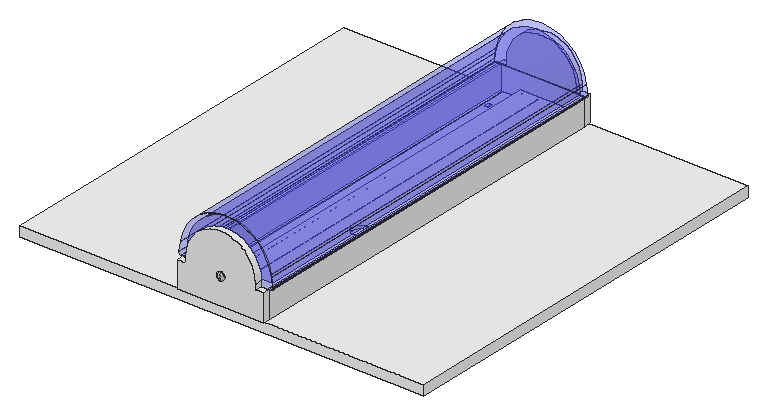
Revit family "BE_50223.1_de_DE", category Leuchten, Revit 2020
Family settings
  Basisbauteil = Fläche
  Bemaßung runder Anschluss = Durchmesser verwenden
  Teiletyp = Normal
  Beim Laden mit Abzugskörper schneiden = Ja
  Lichtquelle = Ja
  Gemeinsam genutzt = Nein
  Raumberechnungspunkt = Ja
Parameters (values of type "BEGA_50223.1_K27")
  built-in parameter 1150104 = 14.112 (stored number, unit not read)
  Wattage = 7.9 W
  Default Elevation = 0 mm
  built-in parameter 1150113 = 1 (stored number, unit not read)
  built-in parameter 1114218 = 1 (stored number, unit not read)
  Umgebungstemperatur = "25 °C"
  URL = "https://www.bega.com/de/produkt/50223.1"
  Typenkommentare = "© 2022 BEGA. Wir behalten uns das Recht vor, technische Änderungen ohne vorherige Ankündigung vorzunehmen."  # constant formula
  built-in parameter 1150134 = 12
  built-in parameter 1150109 = 1 (stored number, unit not read)
  Strom = ""
  built-in parameter 1150110 = 1 (stored number, unit not read)
  Spannung = 239.996 V
  Sonderanfertigung = no
  Seriennummer [instance] = "Hier können Sie die eindeutige Seriennummer für das Facility Management eintragen."
  Schutzklasse = "I"
  Schutzart = "IP 20"
  Scheinlast = 0 VA
  Produktdatenblatt = "https://cdn.bega.com/bega/products/50223.1K3/current/documents/data-sheets/de"
  Oberflächentemperatur = ""
  Neigungswinkel = 0.00°
  Modell = "50223.1K27"
  Material_17 = BEGA_Reflektor
  Material_15 = BEGA_Leuchtmedium_matt
  Material_14 = BEGA_Kunststoff_opal
  Material_11 = BEGA_Glas_opal
  Material_09 = BEGA_Glas_klar
  Material_06 = BEGA_Oberfläche_Edelstahl_gebürstet
  Material_05 = BEGA_Oberfläche_Aluminium Guss
  Material_03 = BEGA_Oberfläche_Weiss_matt
  Material_02 = BEGA_Oberfläche_Silber_matt
  Material_01 [instance] = BEGA_Oberfläche_Grafit_matt
  M_W = no
  M_G = no
  M_A = no
  Logo = 0
  built-in parameter 1114217 = 1 (stored number, unit not read)
  built-in parameter 1150139 = (empty or 0)
  built-in parameter 1150105 = 95.494 (stored number, unit not read)
  built-in parameter 1150114 = 1 (stored number, unit not read)
  Lumens = 1200.01 lm
  built-in parameter 1150115 = 1 (stored number, unit not read)
  Leuchtenlichtstrom = "829 lm"
  Leuchtenanzahl = ""
  Lebensdauerkriterien = "L70B50 @ 25 °C = 200000 h"
  Lastklassifizierung = Beleuchtung
  built-in parameter 1150112 = 1 (stored number, unit not read)
  Lampenlichtstrom = "1245 lm"
  Lampe = "LED 7.7 W"
  LED_Modulbezeichnung = "LED-0573/927"
  Hersteller = "BEGA"  # constant formula
  Halbstreuwinkel = ""
  Gewicht = "1.23 kg"
  Gebrauchslageneinschränkung [instance] = ""
  Frequenz = "0/50-60 Hz"
  Farbwiedergabeindex = "CRI > 90"
  Farbtemperaturverschiebung bei Dämpfen der Lampe = <Keine Auswahl>
  Farbtemperatur = "2700 K"
  Color Filter = 16777215
  built-in parameter 1150133 = 10 (stored number, unit not read)
  Energieeffizienzklasse = "LED A++ - A"
  built-in parameter 1150137 = (empty or 0)
  built-in parameter 1150132 = (empty or 0)
  ENEC = "ja"
  Dimmbar [instance] = "on/off"
  Datei für fotometrisches Netz = "BE_50223.1K27.IES"
  CE_Konformität = "ja"
  Bestellnummer = "50223.1K27"
  Beschreibung_Sonderanfertigung = "Hier können Sie Informationen zur Sonderanfertigung eintragen."
  Beschreibung = "Wandleuchte"
  built-in parameter 1150106 = 0.95494 (stored number, unit not read)
  Befestigungsbohrung = "Ø 5 mm"
  Befestigungsabstand = "340 x 65 mm"
  Ballwurfsicher = ""
  BEGA_Intern_aus = yes
  BEGA_Intern_an = yes
  BEGA_Intern_Konstruktion = yes
  BEGA_Intern = yes
  BEGA_IES = yes
  BEGA_Dummy = no
  Anschlussleitung = ""
  Anschlussleistung [instance] = "10 W"
  Anschlusskasten = ""
  built-in parameter 1150107 = 4000 (stored number, unit not read)
  built-in parameter 1150102 = (empty or 0)
  built-in parameter 1150138 = (empty or 0)
  Aktualisierung = "2022-05-19T04:00:07"
  Abstand_zur_angestrahlten_Fläche [instance] = ""
  AC/DC = "AC/DC"
Types (3, lengths in mm): name | built-in parameter 1150134 | Modell | Leuchtenlichtstrom | Lampenlichtstrom | LED_Modulbezeichnung | Farbtemperatur | Datei für fotometrisches Netz | Bestellnummer | built-in parameter 1150107
  BEGA_50223.1_K4 | 12 | "50223.1K4" | "855 lm" | "1285 lm" | "LED-0573/930" | "4000 K" | "BE_50223.1K4.IES" | "50223.1K4" | 4000 (stored number, unit not read)
  BEGA_50223.1_K3 | (empty or 0) | "50223.1K3" | "855 lm" | "1285 lm" | "LED-0573/930" | "3000 K" | "BE_50223.1K3.IES" | "50223.1K3" | 3000 (stored number, unit not read)
  BEGA_50223.1_K27 | 12 | "50223.1K27" | "829 lm" | "1245 lm" | "LED-0573/927" | "2700 K" | "BE_50223.1K27.IES" | "50223.1K27" | 4000 (stored number, unit not read)
Reference planes
  plane 1 "Mitte (Vorne/Hinten)": y = 0
  plane 2: z = 0
  plane 3 "Mitte (Links/Rechts)": x = 0
  plane 4 "Links": x = -46.429
  plane 5 "Rechts": x = 46.429
  plane 6 "Unten": y = -201.5
  plane 7 "Oben": y = 201.5
  plane 8 "Vorne": z = 76.8
  plane 9 "Hinten": z = 0
Forms (mm)
  Extrusion 1, solid, material "BEGA_Platte_Weiss"
    sketch origin (0, -1119.2, 0) x (1, 0, 0) y (0, 1, 0)
      loop
        line (-200, 1319.2) -> (-200, 919.2) -> (200, 919.2) -> (200, 1319.2) -> (-200, 1319.2)
    from 0 to -10
  Extrusion 2, solid, material "BEGA_Dummy_matt", visible <- "BEGA_Dummy"
    sketch origin (80.095, -76.023, 0) x (1, 0, 0) y (0, 1, 0)
      loop
        line (-126.525, 277.523) -> (-126.525, -125.477) -> (-33.666, -125.477) -> (-33.666, 277.523) -> (-126.525, 277.523)
    from 0 to 76.8
Dimensions and locks
  plane 1 "Mitte (Vorne/Hinten)" to Extrusion 1 = 200 mm
  aligned and locked: plane 2 to Extrusion 1
  aligned and locked: level to Extrusion 1
Nested families
  nested 1: "BE_50223.1" at (0, 0, 0) x (0, 1, 0) z (0, 0, 1), type "BE_50223.1"
Connectors
  electrical at (0, 0, 0), driven by "Lastklassifizierung", driven by "Spannung", driven by "Scheinlast"
    settings: index 1, voltage 239.996 V, apparent load 0 VA, apparent load phase1 0 VA, apparent load phase2 0 VA, apparent load phase3 0 VA, power factor 1, load classification "Beleuchtung", number of poles 1, system type 31, power factor state 1, is connector primary yes, connector utility no, sub classification motor no, connector description ""
Definition of nested family "BE_50223.1"
  Parameters (values of type "BE_50223.1")
    Default Elevation = 1 mm
    URL = "http://www.bega.de/de/produkt"
    Type Comments = "© 2015 BEGA. Wir behalten uns das Recht vor, technische Änderungen ohne vorherige Ankündigung vorzunehmen. "  # constant formula
    Type Image = (empty or 0)
    Neigungswinkel_um_Z2 = 0.00°
    Neigungswinkel_um_Z1 = 0.00°
    Neigungswinkel_um_Y2 = 0.00°
    Neigungswinkel_um_Y1 = 0.00°
    Neigungswinkel_um_X2 = 0.00°
    Neigungswinkel_um_X1 = 0.00°
    Material_17 = none
    Material_15 = none
    Material_14 = none
    Material_11 = none
    Material_09 = none
    Material_06 = none
    Material_05 = none
    Material_03 = none
    Material_02 = none
    Material_01 = none
    M_W = yes
    M_G = yes
    M_A = yes
    Länge_Platte = 500 mm  # constant formula
    Höhe_Platte = -10 mm  # constant formula
    Manufacturer = "BEGA"  # constant formula
    Drehwinkel_um_Z2 = 0.00°
    Drehwinkel_um_Z1 = 0.00°
    Breite_Platte = 200 mm  # constant formula
  Reference planes
    plane 1 "Mitte (Oben/Unten)": y = 0
    plane 2: z = 0
    plane 3 "Mitte (Links/Rechts)": x = 0
    plane 4: z = 76.8
    plane 5: y = -46.429
    plane 6: y = 46.429
    plane 7: x = -201.5
    plane 8: x = 201.5
  Forms (mm)
    Extrusion 1, solid, detail levels medium
      sketch origin (0, 0, 0) x (1, 0, 0) y (0, 1, 0)
        loop
          line (-250, 100) -> (-250, -100) -> (250, -100) -> (250, 100) -> (-250, 100)
      from 0 to -10 <- "Höhe_Platte"
    Extrusion 2, solid, material <- "Material_11", detail levels medium+fine
      sketch origin (0, 0, 0) x (0, 1, 0) y (0, 0, 1)
        loop
          line (-45.002, 38.016) -> (-46.407, 28.597)
          arc (-46.407, 28.597) -> (-45.945, 26.995) -> (-44.429, 26.291) r 2
          line (-44.429, 26.291) -> (44.429, 26.3)
          arc (44.429, 26.3) -> (45.945, 26.995) -> (46.407, 28.597) r 2
          line (46.407, 28.597) -> (45.002, 38.016)
          arc (45.002, 38.016) -> (0, 76.8) -> (-45.002, 38.016) r 45.5
        loop
          line (-42.69, 29.791) -> (42.69, 29.791) -> (41.54, 37.499)
          arc (41.54, 37.499) -> (0, 73.3) -> (-41.54, 37.499) r 42
          line (-41.54, 37.499) -> (-42.69, 29.791)
      from -194.983 to 195
    Extrusion 3, solid, material <- "Material_03", detail levels medium+fine
      sketch origin (0, 0, 0) x (0, 1, 0) y (0, 0, -1)
        loop
          line (42.55, -26.291) -> (42.55, 0) -> (-42.55, 0) -> (-42.55, -26.3) -> (-34.8, -26.3) -> (-34.8, -31.3)
          arc (-34.8, -31.3) -> (0, -66.1) -> (34.8, -31.3) r 34.8
          line (34.8, -31.3) -> (34.8, -26.291) -> (42.55, -26.291)
      from 194.983 to 201.5
    Revolve 4, void
      sketch origin (0, 0, 0) x (1, 0, 0) y (0, 0, 1)
        loop
          line (-199.134, 28.034) -> (-202.247, 31.146) -> (-202.247, 26.3) -> (-199.134, 26.3) -> (-199.134, 28.034)
        axis (-199.134, 26.3) -> (-202.247, 26.3)
      angle from 0 to 360
    Revolve 5, solid, material <- "Material_06", detail levels fine
      sketch origin (0, 0, 0) x (1, 0, 0) y (0, 0, 1)
        loop
          arc (-201.428, 30.178) -> (-202.212, 28.307) -> (-202.5, 26.3) r 8
          line (-202.5, 26.3) -> (-199.417, 26.3) -> (-199.417, 28.167) -> (-201.428, 30.178)
        axis (-202.5, 26.3) -> (-199.417, 26.3)
      angle from 0 to 360
    Extrusion 6, void
      sketch origin (0, 0, 0) x (1, 0, 0) y (0, 1, 0)
        loop
          circle (-56, -22.014) r 8.532
        loop
          circle (-170, -32.5) r 2.5
        loop
          circle (-170, 32.5) r 2.5
        loop
          circle (170, -32.5) r 2.5
        loop
          circle (170, 32.5) r 2.5
      from 0 to 10.983
    Extrusion 7, solid, material <- "Material_03", detail levels medium+fine
      sketch origin (0, 0, 0) x (0, 1, 0) y (0, 0, 1)
        loop
          arc (38.75, 1) -> (39.75, 0.732) -> (40.482, 0) r 2
          line (40.482, 0) -> (42.55, 0) -> (42.55, 26) -> (40.75, 26) -> (40.75, 2.8) -> (20.75, 2.8) -> (20.75, 10.5) -> (-39.75, 10.5)
          arc (-39.75, 10.5) -> (-40.457, 10.793) -> (-40.75, 11.5) r 1
          line (-40.75, 11.5) -> (-40.75, 26) -> (-42.55, 26) -> (-42.55, 0) -> (-40.75, 0) -> (-40.75, 6)
          arc (-40.75, 6) -> (-40.164, 7.414) -> (-38.75, 8) r 2
          line (-38.75, 8) -> (-5.45, 8) -> (-5.45, 0) -> (-3.65, 0) -> (-3.65, 6.5)
          arc (-3.65, 6.5) -> (-3.357, 7.207) -> (-2.65, 7.5) r 1
          line (-2.65, 7.5) -> (2.65, 7.5)
          arc (2.65, 7.5) -> (3.357, 7.207) -> (3.65, 6.5) r 1
          line (3.65, 6.5) -> (3.65, 0) -> (5.45, 0) -> (5.45, 7)
          arc (5.45, 7) -> (5.743, 7.707) -> (6.45, 8) r 1
          line (6.45, 8) -> (17.95, 8)
          arc (17.95, 8) -> (18.657, 7.707) -> (18.95, 7) r 1
          line (18.95, 7) -> (18.95, 1) -> (38.75, 1)
      from -194.983 to 195
    Extrusion 8, solid, material <- "Material_03", detail levels medium+fine
      sketch origin (0, 0, 0) x (0, 1, 0) y (0, 0, 1)
        loop
          line (42.55, 26.291) -> (34.8, 26.291) -> (34.8, 31.3)
          arc (34.8, 31.3) -> (0, 66.1) -> (-34.8, 31.3) r 34.8
          line (-34.8, 31.3) -> (-34.8, 26.3) -> (-42.55, 26.3) -> (-42.55, 0) -> (42.55, 0) -> (42.55, 26.291)
      from 195 to 201.5
    Extrusion 9, solid, material <- "Material_11", detail levels medium+fine
      sketch origin (0, 0, 0) x (0, 1, 0) y (0, 0, 1)
        loop
          arc (44.013, 37.868) -> (0, 75.8) -> (-44.013, 37.868) r 44.5
          line (-44.013, 37.868) -> (-45.59, 27.3) -> (45.59, 27.3) -> (44.013, 37.868)
      from 189.988 to 195
    Extrusion 10, solid, material <- "Material_11", detail levels medium+fine
      sketch origin (0, 0, 0) x (0, 1, 0) y (0, 0, -1)
        loop
          line (44.013, -37.868) -> (45.59, -27.3) -> (-45.59, -27.3) -> (-44.013, -37.868)
          arc (-44.013, -37.868) -> (0, -75.8) -> (44.013, -37.868) r 44.5
      from 190.165 to 194.983
    Extrusion 11, solid, material <- "Material_14", detail levels medium+fine
      sketch origin (0, 0, 0) x (0, 1, 0) y (0, 0, 1)
        loop
          line (42.55, 21.7) -> (42.55, 5.4) -> (46.05, 5.4) -> (46.05, 21.7) -> (42.55, 21.7)
      from -135.228 to -108.757
    Extrusion 12, solid, material <- "Material_14", detail levels medium+fine
      sketch origin (0, 0, 0) x (1, 0, 0) y (0, 1, 0)
        loop
          arc (-127.62, 52.133) -> (-128.907, 52.361) -> (-129.884, 51.494) r 1.5
          arc (-129.884, 51.494) -> (-130.696, 48.826) -> (-130.971, 46.05) r 14.179
          line (-130.971, 46.05) -> (-112.977, 46.05)
          arc (-112.977, 46.05) -> (-113.423, 47.007) -> (-114.388, 47.434) r 1.5
          arc (-114.388, 47.434) -> (-121.341, 48.836) -> (-127.62, 52.133) r 25
      from 9.55 to 17.55
  Cuts and joins
    Extrusion 6 cuts Extrusion 2
    joined: Extrusion 2, Extrusion 9, Extrusion 10
    Revolve 4, Extrusion 6 cuts Extrusion 3
    joined: Extrusion 3, Extrusion 8
    Extrusion 6 cuts Extrusion 7
    joined: Extrusion 11, Extrusion 12
  Dimensions and locks
    equal spacing: Extrusion 1 sketch curve, plane 3 "Mitte (Links/Rechts)", Extrusion 1 sketch curve
    equal spacing: Extrusion 1 sketch curve, plane 1 "Mitte (Oben/Unten)", Extrusion 1 sketch curve
    "Länge_Platte": Extrusion 1 sketch curve to Extrusion 1 sketch curve
    "Breite_Platte": Extrusion 1 sketch curve to Extrusion 1 sketch curve
    aligned and locked: Extrusion 1 to plane 2
    aligned and locked: level to Extrusion 1
  Automatic sketch dimensions
    Extrusion 2 sketch curve to plane 1 "Mitte (Oben/Unten)" = 0 mm
    Extrusion 2 sketch curve to Extrusion 2 sketch curve = 1.978 mm  (x2)
    level to Extrusion 2 sketch curve = 28.3 mm
    Extrusion 2 sketch curve to Extrusion 2 sketch curve = 0.297 mm  (x2)
    level to Extrusion 2 sketch curve = 31.3 mm
    Extrusion 2 sketch curve to Extrusion 2 sketch curve = 9.419 mm
    Extrusion 2 sketch curve to Extrusion 2 sketch curve = 0 mm  (x4)
    Extrusion 2 sketch curve to Extrusion 2 sketch curve = 0.009 mm
    Extrusion 3 sketch curve to level = 0 mm
    Extrusion 3 sketch curve to plane 1 "Mitte (Oben/Unten)" = 0 mm
    Extrusion 3 sketch curve to Extrusion 3 sketch curve = 7.75 mm  (x2)
    Extrusion 3 sketch curve to Extrusion 3 sketch curve = 26.291 mm
    Extrusion 3 sketch curve to Extrusion 3 sketch curve = 26.3 mm
    Extrusion 3 sketch curve to Extrusion 3 sketch curve = 5 mm
    Revolve 4 sketch curve to Revolve 4 sketch curve = 3.112 mm  (x2)
    level to Revolve 4 sketch curve = 26.3 mm
    Revolve 4 sketch curve to Revolve 4 sketch curve = 1.734 mm
    Revolve 4 sketch curve to Revolve 4 sketch curve = 0 mm  (x2)
    Revolve 4 sketch curve to Revolve 4 sketch curve = 0.612 mm
    Revolve 5 sketch curve to Revolve 5 sketch curve = 1.072 mm
    Revolve 5 sketch curve to Revolve 5 sketch curve = 2.011 mm
    Revolve 5 sketch curve to Revolve 5 sketch curve = 4.916 mm
    level to Revolve 5 sketch curve = 26.175 mm
    Revolve 5 sketch curve to Revolve 5 sketch curve = 0.125 mm
    Revolve 5 sketch curve to Revolve 5 sketch curve = 1.867 mm
    Revolve 5 sketch curve to Revolve 5 sketch curve = 0.801 mm
    Revolve 5 sketch curve to Revolve 5 sketch curve = 0.011 mm
    Revolve 5 sketch curve to Revolve 5 sketch curve = 0 mm
    Extrusion 7 sketch curve to level = 0 mm  (x4)
    Extrusion 7 sketch curve to Extrusion 7 sketch curve = 1.8 mm  (x6)
    Extrusion 7 sketch curve to Extrusion 7 sketch curve = 1 mm  (x5)
    plane 1 "Mitte (Oben/Unten)" to Extrusion 7 sketch curve = 5.45 mm
    Extrusion 7 sketch curve to plane 1 "Mitte (Oben/Unten)" = 2.65 mm
    Extrusion 7 sketch curve to plane 1 "Mitte (Oben/Unten)" = 3.65 mm
    Extrusion 7 sketch curve to Extrusion 7 sketch curve = 11.5 mm
    level to Extrusion 7 sketch curve = 1 mm
    Extrusion 7 sketch curve to Extrusion 7 sketch curve = 2.8 mm
    Extrusion 7 sketch curve to Extrusion 7 sketch curve = 1.732 mm
    Extrusion 7 sketch curve to Extrusion 7 sketch curve = 2 mm
    level to Extrusion 7 sketch curve = 6 mm
    Extrusion 7 sketch curve to Extrusion 7 sketch curve = 1.5 mm
    Extrusion 7 sketch curve to Extrusion 7 sketch curve = 0.5 mm
    Extrusion 7 sketch curve to Extrusion 7 sketch curve = 2.5 mm
    Extrusion 7 sketch curve to Extrusion 7 sketch curve = 14.5 mm
    Extrusion 7 sketch curve to Extrusion 7 sketch curve = 23.2 mm
    Extrusion 8 sketch curve to level = 0 mm
    Extrusion 8 sketch curve to plane 1 "Mitte (Oben/Unten)" = 0 mm
    Extrusion 8 sketch curve to Extrusion 8 sketch curve = 7.75 mm  (x2)
    level to Extrusion 8 sketch curve = 26.291 mm
    level to Extrusion 8 sketch curve = 26.3 mm
    Extrusion 8 sketch curve to Extrusion 8 sketch curve = 5.009 mm
    Extrusion 9 sketch curve to plane 1 "Mitte (Oben/Unten)" = 0 mm
    level to Extrusion 9 sketch curve = 27.3 mm
    level to Extrusion 9 sketch curve = 31.3 mm
    Extrusion 9 sketch curve to Extrusion 9 sketch curve = 0 mm  (x3)
    Extrusion 9 sketch curve to Extrusion 9 sketch curve = 10.568 mm  (x2)
    Extrusion 10 sketch curve to plane 1 "Mitte (Oben/Unten)" = 0 mm
    level to Extrusion 10 sketch curve = 31.3 mm
    level to Extrusion 10 sketch curve = 27.3 mm
    Extrusion 10 sketch curve to Extrusion 10 sketch curve = 0 mm  (x4)
    Extrusion 10 sketch curve to Extrusion 10 sketch curve = 10.568 mm
    Extrusion 2 sketch curve to Extrusion 2 sketch curve = 1.739 mm  (x2)
    Extrusion 2 sketch curve to Extrusion 2 sketch curve = 1.195 mm  (x2)
    Extrusion 2 sketch curve to Extrusion 2 sketch curve = 0.517 mm  (x2)
    Extrusion 2 sketch curve to Extrusion 2 sketch curve = 3.462 mm
    Extrusion 11 sketch curve to Extrusion 11 sketch curve = 3.5 mm
    level to Extrusion 11 sketch curve = 5.4 mm
    Extrusion 11 sketch curve to Extrusion 11 sketch curve = 16.3 mm
    Extrusion 12 sketch curve to Extrusion 12 sketch curve = 1.385 mm
    Extrusion 12 sketch curve to Extrusion 12 sketch curve = 2.319 mm
    Extrusion 12 sketch curve to Extrusion 12 sketch curve = 1.5 mm
    Extrusion 12 sketch curve to Extrusion 12 sketch curve = 0.114 mm  (x2)
    Extrusion 12 sketch curve to Extrusion 12 sketch curve = 0 mm  (x2)
    Extrusion 12 sketch curve to Extrusion 12 sketch curve = 0.085 mm
    Extrusion 12 sketch curve to Extrusion 12 sketch curve = 1.496 mm
    Revolve 4 sketch curve to plane 3 "Mitte (Links/Rechts)" = 202.247 mm
    Revolve 5 sketch curve to plane 3 "Mitte (Links/Rechts)" = 202.5 mm
    Extrusion 12 sketch curve to plane 3 "Mitte (Links/Rechts)" = 130.971 mm
    level to Extrusion 2 sketch curve = 37.499 mm
    Extrusion 2 sketch curve to Extrusion 2 sketch curve = 1.15 mm  (x2)
    Extrusion 7 sketch curve to Extrusion 7 sketch curve = 18 mm
    Extrusion 9 sketch curve to plane 1 "Mitte (Oben/Unten)" = 45.59 mm
    Extrusion 9 sketch curve to Extrusion 9 sketch curve = 1.577 mm  (x2)
    Extrusion 10 sketch curve to plane 1 "Mitte (Oben/Unten)" = 45.59 mm
    Extrusion 10 sketch curve to Extrusion 10 sketch curve = 1.577 mm  (x2)
    Extrusion 11 sketch curve to plane 1 "Mitte (Oben/Unten)" = 42.55 mm
    Extrusion 12 sketch curve to Extrusion 12 sketch curve = 2.472 mm
    Extrusion 12 sketch curve to Extrusion 12 sketch curve = 11.707 mm
    Extrusion 12 sketch curve to plane 1 "Mitte (Oben/Unten)" = 45.936 mm
    Extrusion 12 sketch curve to Extrusion 12 sketch curve = 24.96 mm
    Extrusion 12 sketch curve to Extrusion 12 sketch curve = 0.879 mm
    plane 1 "Mitte (Oben/Unten)" to Extrusion 2 sketch curve = 41.54 mm
    plane 1 "Mitte (Oben/Unten)" to Extrusion 3 sketch curve = 34.8 mm
    Extrusion 7 sketch curve to Extrusion 7 sketch curve = 33.3 mm
    plane 1 "Mitte (Oben/Unten)" to Extrusion 8 sketch curve = 34.8 mm
    plane 1 "Mitte (Oben/Unten)" to Extrusion 9 sketch curve = 45.59 mm
    plane 1 "Mitte (Oben/Unten)" to Extrusion 10 sketch curve = 45.59 mm
    plane 1 "Mitte (Oben/Unten)" to Extrusion 6 sketch curve = 22.014 mm
    Extrusion 6 sketch curve to plane 3 "Mitte (Links/Rechts)" = 56 mm
    plane 5 to Extrusion 6 sketch curve = 13.929 mm  (x2)
    plane 6 to Extrusion 6 sketch curve = 13.929 mm  (x2)
    Extrusion 6 sketch curve to Extrusion 6 sketch curve = 114 mm
    Extrusion 6 sketch curve to Extrusion 6 sketch curve = 0 mm  (x2)
    plane 3 "Mitte (Links/Rechts)" to Extrusion 6 sketch curve = 170 mm
    radius of Extrusion 6 sketch curve = 8.532 mm
    radius of Extrusion 6 sketch curve = 2.5 mm  (x4)
